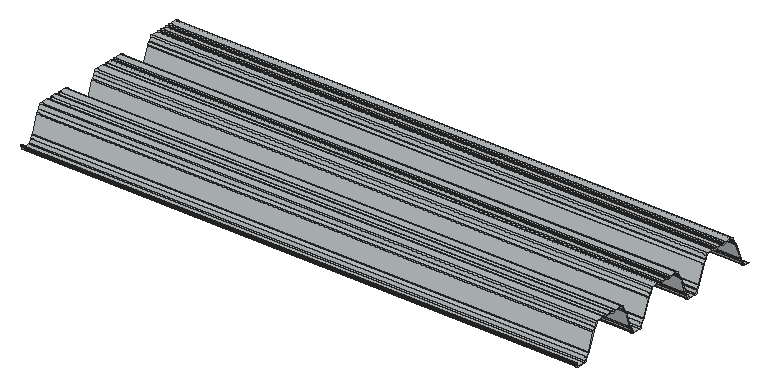
Revit family "28_SB_NL_Delft_Profielen_137R_930", category Structural Framing, Revit 2016
Family settings
  Section Shape = Not Defined
  Material for Model Behavior = Other
  Always export as geometry = No
  OmniClass Number = 23.25.30.11.14.14
  OmniClass Title = Beams
  Always vertical = Yes
  Cut with Voids When Loaded = No
  Symbolic Representation = From Family
  Shared = No
  Show family pre-cut in plan views = Yes
Parameters (values of type "137R_930")
  Vrijkomen van cadium = "NPD"
  URL = "www.delftprofielen.nl"
  Toleranties op vorm en afmetingen = "Tolerantieklasse D1 volgens EN 1090-2"
  Structural Material [instance] = (empty or 0)
  Reactie op bbrand = "Klasse A1"
  Radioactieve straling = "NPD"
  Ontwerp = "NPD"
  Norm = "NEN-EN 1090-1: 2009 + A1:2011"
  Minimale plaatlengte = 1500 mm
  Minimale overlap = 100 mm
  Maximale plaatlengte = 25000 mm
  Materiaal = S320D GD
  Manufacturer = "Delft profielen b.v."
  Length [instance] = 3000 mm
  Fabricage = "Warmdakplaten Delft 137R/930 én EN 1090-2"
  Duurzaamheid = "Verzinkt Z-275 gr./m2 of interieur coating 15mu/BC"
  Dikte = 0.75 mm
  Description = "137R/930"
  Datum = "13-04-2018"
  Constructieve kenmerken = "-"
  BIM4ALL B.V. = "www.bim4all.com"
  Assembly Code = "28.31"
Reference planes
  plane 1 "Center (Front/Back)": y = 0
  plane 2 "Center Elevation": z = 0
  plane 3 "Center (Left/Right)": x = 0
  plane 4 "Left": x = -1500
  plane 5 "Member Left": x = -1250
  plane 6 "Stick Symbol Left": x = -1000
  plane 7 "Right": x = 1500
  plane 8 "Member Right": x = 1250
  plane 9 "Stick Symbol Right": x = 1000
Forms (mm)
  Sweep 1, solid, material "S320D GD" <- "Materiaal"
    path origin (0, 0, 0) x (1, 0, 0) y (0, 1, 0)
      loop
        line (-1250, 0) -> (1250, 0)
    profile "28_Prof_137R_930 : 106_750" origin (0, 0, 0) x (0, 1, 0) y (0, 0, 1)
      loop
        line (-29.518, 19.339) -> (-26.548, 14.125) -> (-24.865, 9.417) -> (-22.923, 3.981)
        arc (-22.923, 3.981) -> (-20.728, 1.095) -> (-17.273, 0) r 6
        line (-17.273, 0) -> (17.273, 0)
        arc (17.273, 0) -> (20.728, 1.095) -> (22.923, 3.981) r 6
        line (22.923, 3.981) -> (27.981, 18.136)
        arc (27.981, 18.136) -> (28.359, 18.951) -> (28.875, 19.686) r 5
        line (28.875, 19.686) -> (38.6, 31.16)
        arc (38.6, 31.16) -> (39.22, 32.041) -> (39.672, 33.02) r 6
        line (39.672, 33.02) -> (65.088, 104.136)
        arc (65.088, 104.136) -> (65.465, 104.951) -> (65.982, 105.686) r 5
        line (65.982, 105.686) -> (75.706, 117.16)
        arc (75.706, 117.16) -> (76.326, 118.041) -> (76.779, 119.02) r 6
        line (76.779, 119.02) -> (82.019, 133.683)
        arc (82.019, 133.683) -> (83.848, 136.087) -> (86.727, 137) r 5
        line (86.727, 137) -> (121.293, 137)
        arc (121.293, 137) -> (122.661, 136.809) -> (123.925, 136.251) r 5
        line (123.925, 136.251) -> (129.342, 132.898)
        arc (129.342, 132.898) -> (132.5, 132) -> (135.658, 132.898) r 6
        line (135.658, 132.898) -> (141.075, 136.251)
        arc (141.075, 136.251) -> (142.339, 136.809) -> (143.707, 137) r 5
        line (143.707, 137) -> (166.293, 137)
        arc (166.293, 137) -> (167.661, 136.809) -> (168.925, 136.251) r 5
        line (168.925, 136.251) -> (174.342, 132.898)
        arc (174.342, 132.898) -> (177.5, 132) -> (180.658, 132.898) r 6
        line (180.658, 132.898) -> (186.075, 136.251)
        arc (186.075, 136.251) -> (187.339, 136.809) -> (188.707, 137) r 5
        line (188.707, 137) -> (223.273, 137)
        arc (223.273, 137) -> (226.152, 136.087) -> (227.981, 133.683) r 5
        line (227.981, 133.683) -> (233.221, 119.02)
        arc (233.221, 119.02) -> (233.674, 118.041) -> (234.294, 117.16) r 6
        line (234.294, 117.16) -> (244.018, 105.686)
        arc (244.018, 105.686) -> (244.535, 104.951) -> (244.912, 104.136) r 5
        line (244.912, 104.136) -> (270.328, 33.02)
        arc (270.328, 33.02) -> (270.78, 32.041) -> (271.4, 31.16) r 6
        line (271.4, 31.16) -> (281.125, 19.686)
        arc (281.125, 19.686) -> (281.641, 18.951) -> (282.019, 18.136) r 5
        line (282.019, 18.136) -> (287.077, 3.981)
        arc (287.077, 3.981) -> (289.272, 1.095) -> (292.727, 0) r 6
        line (292.727, 0) -> (327.273, 0)
        arc (327.273, 0) -> (330.728, 1.095) -> (332.923, 3.981) r 6
        line (332.923, 3.981) -> (337.981, 18.136)
        arc (337.981, 18.136) -> (338.359, 18.951) -> (338.875, 19.686) r 5
        line (338.875, 19.686) -> (348.6, 31.16)
        arc (348.6, 31.16) -> (349.22, 32.041) -> (349.672, 33.02) r 6
        line (349.672, 33.02) -> (375.088, 104.136)
        arc (375.088, 104.136) -> (375.465, 104.951) -> (375.982, 105.686) r 5
        line (375.982, 105.686) -> (385.706, 117.16)
        arc (385.706, 117.16) -> (386.326, 118.041) -> (386.779, 119.02) r 6
        line (386.779, 119.02) -> (392.019, 133.683)
        arc (392.019, 133.683) -> (393.848, 136.087) -> (396.727, 137) r 5
        line (396.727, 137) -> (431.293, 137)
        arc (431.293, 137) -> (432.661, 136.809) -> (433.925, 136.251) r 5
        line (433.925, 136.251) -> (439.342, 132.898)
        arc (439.342, 132.898) -> (442.5, 132) -> (445.658, 132.898) r 6
        line (445.658, 132.898) -> (451.075, 136.251)
        arc (451.075, 136.251) -> (452.339, 136.809) -> (453.707, 137) r 5
        line (453.707, 137) -> (476.293, 137)
        arc (476.293, 137) -> (477.661, 136.809) -> (478.925, 136.251) r 5
        line (478.925, 136.251) -> (484.342, 132.898)
        arc (484.342, 132.898) -> (487.5, 132) -> (490.658, 132.898) r 6
        line (490.658, 132.898) -> (496.075, 136.251)
        arc (496.075, 136.251) -> (497.339, 136.809) -> (498.707, 137) r 5
        line (498.707, 137) -> (533.273, 137)
        arc (533.273, 137) -> (536.152, 136.087) -> (537.981, 133.683) r 5
        line (537.981, 133.683) -> (543.221, 119.02)
        arc (543.221, 119.02) -> (543.674, 118.041) -> (544.294, 117.16) r 6
        line (544.294, 117.16) -> (554.018, 105.686)
        arc (554.018, 105.686) -> (554.535, 104.951) -> (554.912, 104.136) r 5
        line (554.912, 104.136) -> (580.328, 33.02)
        arc (580.328, 33.02) -> (580.78, 32.041) -> (581.4, 31.16) r 6
        line (581.4, 31.16) -> (591.125, 19.686)
        arc (591.125, 19.686) -> (591.641, 18.951) -> (592.019, 18.136) r 5
        line (592.019, 18.136) -> (597.077, 3.981)
        arc (597.077, 3.981) -> (599.272, 1.095) -> (602.727, 0) r 6
        line (602.727, 0) -> (637.273, 0)
        arc (637.273, 0) -> (640.728, 1.095) -> (642.923, 3.981) r 6
        line (642.923, 3.981) -> (647.981, 18.136)
        arc (647.981, 18.136) -> (648.359, 18.951) -> (648.875, 19.686) r 5
        line (648.875, 19.686) -> (658.6, 31.16)
        arc (658.6, 31.16) -> (659.22, 32.041) -> (659.672, 33.02) r 6
        line (659.672, 33.02) -> (685.088, 104.136)
        arc (685.088, 104.136) -> (685.465, 104.951) -> (685.982, 105.686) r 5
        line (685.982, 105.686) -> (695.706, 117.16)
        arc (695.706, 117.16) -> (696.326, 118.041) -> (696.779, 119.02) r 6
        line (696.779, 119.02) -> (702.019, 133.683)
        arc (702.019, 133.683) -> (703.848, 136.087) -> (706.727, 137) r 5
        line (706.727, 137) -> (741.293, 137)
        arc (741.293, 137) -> (742.661, 136.809) -> (743.925, 136.251) r 5
        line (743.925, 136.251) -> (749.342, 132.898)
        arc (749.342, 132.898) -> (752.5, 132) -> (755.658, 132.898) r 6
        line (755.658, 132.898) -> (761.075, 136.251)
        arc (761.075, 136.251) -> (762.339, 136.809) -> (763.707, 137) r 5
        line (763.707, 137) -> (786.293, 137)
        arc (786.293, 137) -> (787.661, 136.809) -> (788.925, 136.251) r 5
        line (788.925, 136.251) -> (794.342, 132.898)
        arc (794.342, 132.898) -> (797.5, 132) -> (800.658, 132.898) r 6
        line (800.658, 132.898) -> (806.075, 136.251)
        arc (806.075, 136.251) -> (807.339, 136.809) -> (808.707, 137) r 5
        line (808.707, 137) -> (843.273, 137)
        arc (843.273, 137) -> (846.152, 136.087) -> (847.981, 133.683) r 5
        line (847.981, 133.683) -> (853.221, 119.02)
        arc (853.221, 119.02) -> (853.674, 118.041) -> (854.294, 117.16) r 6
        line (854.294, 117.16) -> (864.018, 105.686)
        arc (864.018, 105.686) -> (864.535, 104.951) -> (864.912, 104.136) r 5
        line (864.912, 104.136) -> (890.328, 33.02)
        arc (890.328, 33.02) -> (890.78, 32.041) -> (891.4, 31.16) r 6
        line (891.4, 31.16) -> (901.125, 19.686)
        arc (901.125, 19.686) -> (901.641, 18.951) -> (902.019, 18.136) r 5
        line (902.019, 18.136) -> (907.077, 3.981)
        arc (907.077, 3.981) -> (909.272, 1.095) -> (912.727, 0) r 6
        line (912.727, 0) -> (935, 0) -> (935, 1) -> (912.727, 1)
        arc (912.727, 1) -> (909.848, 1.913) -> (908.019, 4.317) r 5
        line (908.019, 4.317) -> (902.96, 18.472)
        arc (902.96, 18.472) -> (902.508, 19.451) -> (901.887, 20.332) r 6
        line (901.887, 20.332) -> (892.163, 31.806)
        arc (892.163, 31.806) -> (891.646, 32.541) -> (891.269, 33.356) r 5
        line (891.269, 33.356) -> (865.854, 104.472)
        arc (865.854, 104.472) -> (865.401, 105.451) -> (864.781, 106.332) r 6
        line (864.781, 106.332) -> (855.057, 117.806)
        arc (855.057, 117.806) -> (854.54, 118.541) -> (854.163, 119.356) r 5
        line (854.163, 119.356) -> (848.923, 134.019)
        arc (848.923, 134.019) -> (846.728, 136.905) -> (843.273, 138) r 6
        line (843.273, 138) -> (808.707, 138)
        arc (808.707, 138) -> (807.065, 137.771) -> (805.549, 137.102) r 6
        line (805.549, 137.102) -> (800.132, 133.749)
        arc (800.132, 133.749) -> (797.5, 133) -> (794.868, 133.749) r 5
        line (794.868, 133.749) -> (789.451, 137.102)
        arc (789.451, 137.102) -> (787.935, 137.771) -> (786.293, 138) r 6
        line (786.293, 138) -> (763.707, 138)
        arc (763.707, 138) -> (762.065, 137.771) -> (760.549, 137.102) r 6
        line (760.549, 137.102) -> (755.132, 133.749)
        arc (755.132, 133.749) -> (752.5, 133) -> (749.868, 133.749) r 5
        line (749.868, 133.749) -> (744.451, 137.102)
        arc (744.451, 137.102) -> (742.935, 137.771) -> (741.293, 138) r 6
        line (741.293, 138) -> (706.727, 138)
        arc (706.727, 138) -> (703.272, 136.905) -> (701.077, 134.019) r 6
        line (701.077, 134.019) -> (695.837, 119.356)
        arc (695.837, 119.356) -> (695.46, 118.541) -> (694.943, 117.806) r 5
        line (694.943, 117.806) -> (685.219, 106.332)
        arc (685.219, 106.332) -> (684.599, 105.451) -> (684.146, 104.472) r 6
        line (684.146, 104.472) -> (658.731, 33.356)
        arc (658.731, 33.356) -> (658.354, 32.541) -> (657.837, 31.806) r 5
        line (657.837, 31.806) -> (648.113, 20.332)
        arc (648.113, 20.332) -> (647.492, 19.451) -> (647.04, 18.472) r 6
        line (647.04, 18.472) -> (641.981, 4.317)
        arc (641.981, 4.317) -> (640.152, 1.913) -> (637.273, 1) r 5
        line (637.273, 1) -> (602.727, 1)
        arc (602.727, 1) -> (599.848, 1.913) -> (598.019, 4.317) r 5
        line (598.019, 4.317) -> (592.96, 18.472)
        arc (592.96, 18.472) -> (592.508, 19.451) -> (591.887, 20.332) r 6
        line (591.887, 20.332) -> (582.163, 31.806)
        arc (582.163, 31.806) -> (581.646, 32.541) -> (581.269, 33.356) r 5
        line (581.269, 33.356) -> (555.854, 104.472)
        arc (555.854, 104.472) -> (555.401, 105.451) -> (554.781, 106.332) r 6
        line (554.781, 106.332) -> (545.057, 117.806)
        arc (545.057, 117.806) -> (544.54, 118.541) -> (544.163, 119.356) r 5
        line (544.163, 119.356) -> (538.923, 134.019)
        arc (538.923, 134.019) -> (536.728, 136.905) -> (533.273, 138) r 6
        line (533.273, 138) -> (498.707, 138)
        arc (498.707, 138) -> (497.065, 137.771) -> (495.549, 137.102) r 6
        line (495.549, 137.102) -> (490.132, 133.749)
        arc (490.132, 133.749) -> (487.5, 133) -> (484.868, 133.749) r 5
        line (484.868, 133.749) -> (479.451, 137.102)
        arc (479.451, 137.102) -> (477.935, 137.771) -> (476.293, 138) r 6
        line (476.293, 138) -> (453.707, 138)
        arc (453.707, 138) -> (452.065, 137.771) -> (450.549, 137.102) r 6
        line (450.549, 137.102) -> (445.132, 133.749)
        arc (445.132, 133.749) -> (442.5, 133) -> (439.868, 133.749) r 5
        line (439.868, 133.749) -> (434.451, 137.102)
        arc (434.451, 137.102) -> (432.935, 137.771) -> (431.293, 138) r 6
        line (431.293, 138) -> (396.727, 138)
        arc (396.727, 138) -> (393.272, 136.905) -> (391.077, 134.019) r 6
        line (391.077, 134.019) -> (385.837, 119.356)
        arc (385.837, 119.356) -> (385.46, 118.541) -> (384.943, 117.806) r 5
        line (384.943, 117.806) -> (375.219, 106.332)
        arc (375.219, 106.332) -> (374.599, 105.451) -> (374.146, 104.472) r 6
        line (374.146, 104.472) -> (348.731, 33.356)
        arc (348.731, 33.356) -> (348.354, 32.541) -> (347.837, 31.806) r 5
        line (347.837, 31.806) -> (338.113, 20.332)
        arc (338.113, 20.332) -> (337.492, 19.451) -> (337.04, 18.472) r 6
        line (337.04, 18.472) -> (331.981, 4.317)
        arc (331.981, 4.317) -> (330.152, 1.913) -> (327.273, 1) r 5
        line (327.273, 1) -> (292.727, 1)
        arc (292.727, 1) -> (289.848, 1.913) -> (288.019, 4.317) r 5
        line (288.019, 4.317) -> (282.96, 18.472)
        arc (282.96, 18.472) -> (282.508, 19.451) -> (281.887, 20.332) r 6
        line (281.887, 20.332) -> (272.163, 31.806)
        arc (272.163, 31.806) -> (271.646, 32.541) -> (271.269, 33.356) r 5
        line (271.269, 33.356) -> (245.854, 104.472)
        arc (245.854, 104.472) -> (245.401, 105.451) -> (244.781, 106.332) r 6
        line (244.781, 106.332) -> (235.057, 117.806)
        arc (235.057, 117.806) -> (234.54, 118.541) -> (234.163, 119.356) r 5
        line (234.163, 119.356) -> (228.923, 134.019)
        arc (228.923, 134.019) -> (226.728, 136.905) -> (223.273, 138) r 6
        line (223.273, 138) -> (188.707, 138)
        arc (188.707, 138) -> (187.065, 137.771) -> (185.549, 137.102) r 6
        line (185.549, 137.102) -> (180.132, 133.749)
        arc (180.132, 133.749) -> (177.5, 133) -> (174.868, 133.749) r 5
        line (174.868, 133.749) -> (169.451, 137.102)
        arc (169.451, 137.102) -> (167.935, 137.771) -> (166.293, 138) r 6
        line (166.293, 138) -> (143.707, 138)
        arc (143.707, 138) -> (142.065, 137.771) -> (140.549, 137.102) r 6
        line (140.549, 137.102) -> (135.132, 133.749)
        arc (135.132, 133.749) -> (132.5, 133) -> (129.868, 133.749) r 5
        line (129.868, 133.749) -> (124.451, 137.102)
        arc (124.451, 137.102) -> (122.935, 137.771) -> (121.293, 138) r 6
        line (121.293, 138) -> (86.727, 138)
        arc (86.727, 138) -> (83.272, 136.905) -> (81.077, 134.019) r 6
        line (81.077, 134.019) -> (75.837, 119.356)
        arc (75.837, 119.356) -> (75.46, 118.541) -> (74.943, 117.806) r 5
        line (74.943, 117.806) -> (65.219, 106.332)
        arc (65.219, 106.332) -> (64.599, 105.451) -> (64.146, 104.472) r 6
        line (64.146, 104.472) -> (38.731, 33.356)
        arc (38.731, 33.356) -> (38.354, 32.541) -> (37.837, 31.806) r 5
        line (37.837, 31.806) -> (28.113, 20.332)
        arc (28.113, 20.332) -> (27.492, 19.451) -> (27.04, 18.472) r 6
        line (27.04, 18.472) -> (21.981, 4.317)
        arc (21.981, 4.317) -> (20.152, 1.913) -> (17.273, 1) r 5
        line (17.273, 1) -> (-17.273, 1)
        arc (-17.273, 1) -> (-20.152, 1.913) -> (-21.981, 4.317) r 5
        line (-21.981, 4.317) -> (-23.924, 9.753) -> (-25.636, 14.544) -> (-28.649, 19.834) -> (-29.518, 19.339)
Lines and regions (mm)
  model lines, style "Stick Symbols", detail levels coarse
    curve 1: line (-1000, 0, 0) -> (1000, 0, 0)
Dimensions and locks
  equal spacing: plane 4 "Left", plane 3 "Center (Left/Right)", plane 7 "Right"
  "Length": plane 4 "Left" to plane 7 "Right"
  aligned and locked: plane 1 "Center (Front/Back)" to curve 1
  aligned and locked: plane 6 "Stick Symbol Left" to curve 1
  aligned and locked: plane 9 "Stick Symbol Right" to curve 1
  aligned and locked: level to plane 2 "Center Elevation"
  aligned and locked: plane 8 "Member Right" to Sweep 1 sketch curve
  aligned and locked: plane 5 "Member Left" to Sweep 1 sketch curve
Automatic sketch dimensions
  plane 1 "Center (Front/Back)" to Sweep 1 sketch curve = 0 mm
